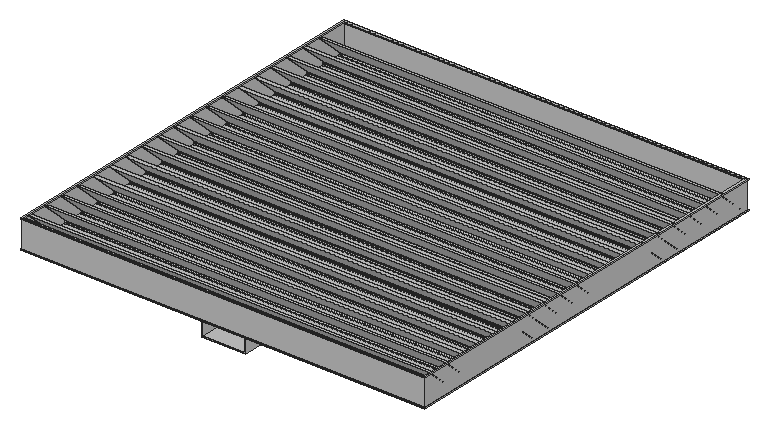
Revit family "Louver-Flanged_Frame-Carnes-Rectangular-Motorized_Damper_FTJB", category Air Terminals, host Face, Revit 2012
Parameters (values of type "(See Type Catalog)")
  ecoScorecard_data = ""
  ecoScorecard Product Page = "http://ecoscorecard.com/"
  URL = "http://www.carnes.com/index.html"
  Subcategory = "Louvers and Dampers"
  Specifications  URL = "http://www.carnes.com/Louvers/pdf/17122.pdf"
  Product Page URL = "http://www.carnes.com/Louvers/FPJB-FTJB.htm"
  Product Line = "Combination Louver / Damper"
  Pressure Drop = 0.00 Pa
  Point of Water Penetration = 1250 FPM
  Outside Width = Louver Width Control + 1/4" * 2  # 60 1/2"
  Outside Height = Louver Height Control + 1/4" * 2  # 60 1/2"
  Model = "FTJB"
  Minimum Size = "12\"W x 12\"H"
  Meets Building Code Standards = "Licensed to bear the AMCA seal"
  Maximum Vertical Size = "60\"W x 120\"H"
  Maximum Size Note = "Factory assembled multi-section max: 96”w x 120”h. Larger sizes are field assembled. Drainable blade louvers should be limited to 10’ maximum section widths (no more than 10’ between vertical downspouts) to enable the drainable design to function effectively."
  Maximum Horinzontal Size = "60\"W x 120\"H"
  Manufacturer = "Carnes Company"
  Louver Width Control = if(Louver Width < 12", 12", if(Louver Width > 60", 60", Louver Width))  # 60"
  Louver Height Control = if(Louver Height < 12", 12", if(Louver Height > 120", 120", Louver Height))  # 60"
  Free Area Note = "See Spec Sheet URL"
  Free Area = 0.00 SF
  Description = "Combination Louver / Damper"
  Connector Description 1 = "Duct Connetor"
  Blades Quantity [instance] = (Louver Height Control - (Blade Offset from Frame - 3/4")) / 3"  # 19
  Manufacturer Phone = "608-845-6411"
  Manufacturer Fax = "608-845-6470"
  Manufacturer Email = "mailto:carnes@carnes.com"
  Manufacturer Address = "448 S. Main St., P. O. Box 930040, Verona, WI 53593-0040"
  Louver Width = 60"
  Louver Length = 6 1/2"
  Louver Height = 60"
  Blades Length [instance] = Louver Length - 2 1/4" - (1/8" * 2)  # 4"
  Frame Material = Aluminum - Carnes - Extruded
  Default Elevation = 48"
  Cost Info = "mailto:carnes@carnes.com"
  Catalog URL = "http://www.carnes.com/Louvers/pdf/f36-37.pdf"
  Symbol Blades Quantity = Louver Width / 3"  # 20
  Blade Offset from Frame [instance] = 3"
  Blade Material = Aluminum - Carnes - Extruded
  Assembly Code = "D3090700"
  Airflow = 0 CFM
  95 CSI = "10200"
  04 CSI = "08 91 00"
Reference planes (in)
  plane 1 "Center (Elevation)": y = 0
  plane 2: z = 0
  plane 3 "Center (Left/Right)": x = 0
  plane 4 "Void Reference": z = -4.25
  plane 5: z = -0.125
  plane 6: z = -4.125
  plane 7: z = -2.125
  plane 8: x = -30
  plane 9: x = 30
  plane 10: x = -30.25
  plane 11: x = 30.25
  plane 12: y = 30
  plane 13: y = -30
  plane 14 "Top": y = 30.25
  plane 15: y = -30.25
  plane 16 "Blade CL": y = 27.25
  plane 17: z = -6.5
Forms (in)
  Extrusion 1, solid, material "Aluminum - Carnes - Extruded" <- "Frame Material"
    sketch origin (0, 0, 0) x (1, 0, 0) y (0, 1, 0)
      loop
        line (-30.25, 30.25) -> (-30.25, -30.25) -> (30.25, -30.25) -> (30.25, 30.25) -> (-30.25, 30.25)
      loop
        line (-30, 30) -> (-30, -30) -> (30, -30) -> (30, 30) -> (-30, 30)
    from -0.125 to 0
  Extrusion 2, solid, material "Aluminum - Carnes - Extruded" <- "Frame Material"
    sketch origin (0, 0, 0) x (1, 0, 0) y (0, 1, 0)
      loop
        line (-30.25, 30.25) -> (-30.25, -30.25) -> (30.25, -30.25) -> (30.25, 30.25) -> (-30.25, 30.25)
      loop
        line (-30, 30) -> (-30, -30) -> (30, -30) -> (30, 30) -> (-30, 30)
    from -4.25 to -4.125
  Extrusion 3, solid, material "Aluminum - Carnes - Extruded" <- "Frame Material"
    sketch origin (0, 0, 0) x (1, 0, 0) y (0, 1, 0)
      loop
        line (-30, 30) -> (-30, -30) -> (30, -30) -> (30, 30) -> (-30, 30)
      loop
        line (-30.125, 30.125) -> (-30.125, -30.125) -> (30.125, -30.125) -> (30.125, 30.125) -> (-30.125, 30.125)
    from -4.125 to -0.125
  Sweep 4, solid, material "Aluminum - Carnes - Extruded" <- "Frame Material"
    path origin (0, 0, 0) x (0, 1, 0) y (0, 0, 1)
      loop
        line (30, -4.125) -> (-30, -4.125)
    profile origin (0, 0, -4.125) x (0, 0, -1) y (1, 0, 0)
      loop
        line (0.125, 3.26175) -> (0.125, 3.14457) -> (2.25781, 3.14457) -> (2.25781, -3.14457) -> (0.125, -3.14457) -> (0.125, -3.26175) -> (2.375, -3.26175) -> (2.375, 3.26175) -> (0.125, 3.26175)
Cuts and joins
  joined: Extrusion 2, Sweep 4
Lines and regions (in)
  Masking region 1, detail levels coarse
    outline origin (0, 0, 0) x (1, 0, 0) y (0, 0, 1)
      loop
        line (30.25, 0) -> (-30.25, 0) -> (-30.25, -4.25) -> (30.25, -4.25) -> (30.25, 0)
  Masking region 2, detail levels medium+fine
    outline origin (0, 0, 0) x (1, 0, 0) y (0, 0, 1)
      loop
        line (30.25, 0) -> (-30.25, 0) -> (-30.25, -0.125) -> (-30.125, -0.125) -> (-30.125, -4.125) -> (-30.25, -4.125) -> (-30.25, -4.25) -> (30.25, -4.25) -> (30.25, -4.125) -> (30.125, -4.125) -> (30.125, -0.125) -> (30.25, -0.125) -> (30.25, 0)
  symbolic lines, detail levels fine
    curve 1: line (30.125, 0, -0.125) -> (-30.125, 0, -0.125)
    curve 2: line (30.125, 0, -4.125) -> (-30.125, 0, -4.125)
  symbolic lines
    curve 3: line (30, 30.25, -0.1875) -> (29.48208, 30.25, -0.1875)
    curve 4: line (29.48208, 30.25, -0.1875) -> (28.92651, 30.25, -2.125)
    curve 5: line (28.92651, 30.25, -2.125) -> (28.37094, 30.25, -4.0625)
    curve 6: line (27, 30.25, -0.1875) -> (26.48208, 30.25, -0.1875)
    curve 7: line (26.48208, 30.25, -0.1875) -> (25.92651, 30.25, -2.125)
    curve 8: line (25.92651, 30.25, -2.125) -> (25.37094, 30.25, -4.0625)
    curve 9: line (24, 30.25, -0.1875) -> (23.48208, 30.25, -0.1875)
    curve 10: line (23.48208, 30.25, -0.1875) -> (22.92651, 30.25, -2.125)
    curve 11: line (22.92651, 30.25, -2.125) -> (22.37094, 30.25, -4.0625)
    curve 12: line (21, 30.25, -0.1875) -> (20.48208, 30.25, -0.1875)
    curve 13: line (20.48208, 30.25, -0.1875) -> (19.92651, 30.25, -2.125)
    curve 14: line (19.92651, 30.25, -2.125) -> (19.37094, 30.25, -4.0625)
    curve 15: line (18, 30.25, -0.1875) -> (17.48208, 30.25, -0.1875)
    curve 16: line (17.48208, 30.25, -0.1875) -> (16.92651, 30.25, -2.125)
    curve 17: line (16.92651, 30.25, -2.125) -> (16.37094, 30.25, -4.0625)
    curve 18: line (15, 30.25, -0.1875) -> (14.48208, 30.25, -0.1875)
    curve 19: line (14.48208, 30.25, -0.1875) -> (13.92651, 30.25, -2.125)
    curve 20: line (13.92651, 30.25, -2.125) -> (13.37094, 30.25, -4.0625)
    curve 21: line (12, 30.25, -0.1875) -> (11.48208, 30.25, -0.1875)
    curve 22: line (11.48208, 30.25, -0.1875) -> (10.92651, 30.25, -2.125)
    curve 23: line (10.92651, 30.25, -2.125) -> (10.37094, 30.25, -4.0625)
    curve 24: line (9, 30.25, -0.1875) -> (8.48208, 30.25, -0.1875)
    curve 25: line (8.48208, 30.25, -0.1875) -> (7.92651, 30.25, -2.125)
    curve 26: line (7.92651, 30.25, -2.125) -> (7.37094, 30.25, -4.0625)
    curve 27: line (6, 30.25, -0.1875) -> (5.48208, 30.25, -0.1875)
    curve 28: line (5.48208, 30.25, -0.1875) -> (4.92651, 30.25, -2.125)
    curve 29: line (4.92651, 30.25, -2.125) -> (4.37094, 30.25, -4.0625)
    curve 30: line (3, 30.25, -0.1875) -> (2.48208, 30.25, -0.1875)
    curve 31: line (2.48208, 30.25, -0.1875) -> (1.92651, 30.25, -2.125)
    curve 32: line (1.92651, 30.25, -2.125) -> (1.37094, 30.25, -4.0625)
    curve 33: line (0, 30.25, -0.1875) -> (-0.51792, 30.25, -0.1875)
    curve 34: line (-0.51792, 30.25, -0.1875) -> (-1.07349, 30.25, -2.125)
    curve 35: line (-1.07349, 30.25, -2.125) -> (-1.62906, 30.25, -4.0625)
    curve 36: line (-3, 30.25, -0.1875) -> (-3.51792, 30.25, -0.1875)
    curve 37: line (-3.51792, 30.25, -0.1875) -> (-4.07349, 30.25, -2.125)
    curve 38: line (-4.07349, 30.25, -2.125) -> (-4.62906, 30.25, -4.0625)
    curve 39: line (-6, 30.25, -0.1875) -> (-6.51792, 30.25, -0.1875)
    curve 40: line (-6.51792, 30.25, -0.1875) -> (-7.07349, 30.25, -2.125)
    curve 41: line (-7.07349, 30.25, -2.125) -> (-7.62906, 30.25, -4.0625)
    curve 42: line (-9, 30.25, -0.1875) -> (-9.51792, 30.25, -0.1875)
    curve 43: line (-9.51792, 30.25, -0.1875) -> (-10.07349, 30.25, -2.125)
    curve 44: line (-10.07349, 30.25, -2.125) -> (-10.62906, 30.25, -4.0625)
    curve 45: line (-12, 30.25, -0.1875) -> (-12.51792, 30.25, -0.1875)
    curve 46: line (-12.51792, 30.25, -0.1875) -> (-13.07349, 30.25, -2.125)
    curve 47: line (-13.07349, 30.25, -2.125) -> (-13.62906, 30.25, -4.0625)
    curve 48: line (-15, 30.25, -0.1875) -> (-15.51792, 30.25, -0.1875)
    curve 49: line (-15.51792, 30.25, -0.1875) -> (-16.07349, 30.25, -2.125)
    curve 50: line (-16.07349, 30.25, -2.125) -> (-16.62906, 30.25, -4.0625)
    curve 51: line (-18, 30.25, -0.1875) -> (-18.51792, 30.25, -0.1875)
    curve 52: line (-18.51792, 30.25, -0.1875) -> (-19.07349, 30.25, -2.125)
    curve 53: line (-19.07349, 30.25, -2.125) -> (-19.62906, 30.25, -4.0625)
    curve 54: line (-21, 30.25, -0.1875) -> (-21.51792, 30.25, -0.1875)
    curve 55: line (-21.51792, 30.25, -0.1875) -> (-22.07349, 30.25, -2.125)
    curve 56: line (-22.07349, 30.25, -2.125) -> (-22.62906, 30.25, -4.0625)
    curve 57: line (-24, 30.25, -0.1875) -> (-24.51792, 30.25, -0.1875)
    curve 58: line (-24.51792, 30.25, -0.1875) -> (-25.07349, 30.25, -2.125)
    curve 59: line (-25.07349, 30.25, -2.125) -> (-25.62906, 30.25, -4.0625)
    curve 60: line (-27, 30.25, -0.1875) -> (-27.51792, 30.25, -0.1875)
    curve 61: line (-27.51792, 30.25, -0.1875) -> (-28.07349, 30.25, -2.125)
    curve 62: line (-28.07349, 30.25, -2.125) -> (-28.62906, 30.25, -4.0625)
    curve 63: line (28.37094, 0, -4.0625) -> (27.87094, 0, -4.0625)
    curve 64: line (25.37094, 0, -4.0625) -> (24.87094, 0, -4.0625)
    curve 65: line (22.37094, 0, -4.0625) -> (21.87094, 0, -4.0625)
    curve 66: line (19.37094, 0, -4.0625) -> (18.87094, 0, -4.0625)
    curve 67: line (16.37094, 0, -4.0625) -> (15.87094, 0, -4.0625)
    curve 68: line (13.37094, 0, -4.0625) -> (12.87094, 0, -4.0625)
    curve 69: line (10.37094, 0, -4.0625) -> (9.87094, 0, -4.0625)
    curve 70: line (7.37094, 0, -4.0625) -> (6.87094, 0, -4.0625)
    curve 71: line (4.37094, 0, -4.0625) -> (3.87094, 0, -4.0625)
    curve 72: line (1.37094, 0, -4.0625) -> (0.87094, 0, -4.0625)
    curve 73: line (-1.62906, 0, -4.0625) -> (-2.12906, 0, -4.0625)
    curve 74: line (-4.62906, 0, -4.0625) -> (-5.12906, 0, -4.0625)
    curve 75: line (-7.62906, 0, -4.0625) -> (-8.12906, 0, -4.0625)
    curve 76: line (-10.62906, 0, -4.0625) -> (-11.12906, 0, -4.0625)
    curve 77: line (-13.62906, 0, -4.0625) -> (-14.12906, 0, -4.0625)
    curve 78: line (-16.62906, 0, -4.0625) -> (-17.12906, 0, -4.0625)
    curve 79: line (-19.62906, 0, -4.0625) -> (-20.12906, 0, -4.0625)
    curve 80: line (-22.62906, 0, -4.0625) -> (-23.12906, 0, -4.0625)
    curve 81: line (-25.62906, 0, -4.0625) -> (-26.12906, 0, -4.0625)
    curve 82: line (-28.62906, 0, -4.0625) -> (-29.12906, 0, -4.0625)
    curve 83: line (30, 0, -2.125) -> (-30, 0, -2.125)
Dimensions and locks (in)
  equal spacing: plane 15, plane 1 "Center (Elevation)", plane 14 "Top"
  locked: plane 2 to plane 5 at 0.125
  locked: plane 6 to plane 4 "Void Reference" at 0.125
  "Louver Length": plane 2 to plane 17
  equal spacing: plane 5, plane 7, plane 6
  "Blade Offset from Frame": plane 14 "Top" to plane 16 "Blade CL"
  equal spacing: group 1, group 2, group 3, group 4, group 5, group 6, group 7, group 8, group 9, group 10, group 11, group 12, group 13, group 14, group 15, group 16, group 17, group 18, group 19  (x2)
  equal spacing: group 19, group 18, group 17, group 16, group 15, group 14, group 13, group 12, group 11, group 10, group 9, group 8, group 7, group 6, group 5, group 4, group 3, group 2, group 1
  locked: nested 1 to nested 2 at 3.015
  "Outside Height": plane 14 "Top" to plane 15
  equal spacing: plane 8, plane 3 "Center (Left/Right)", plane 9
  "Louver Width": plane 8 to plane 9
  equal spacing: plane 10, plane 3 "Center (Left/Right)", plane 11
  "Outside Width": plane 10 to plane 11
  equal spacing: plane 13, plane 1 "Center (Elevation)", plane 12
  "Louver Height": plane 13 to plane 12
  equal spacing: Sweep 4 sketch curve, plane 3 "Center (Left/Right)", Sweep 4 sketch curve
  locked: Sweep 4 sketch curve to Sweep 4 sketch curve at 0.11719  (x2)
  locked: plane 17 to Sweep 4 sketch curve at 0.11719
  locked: curve 3 to plane 5 at 0.0625
  equal spacing: group 40, group 39, group 38, group 37, group 36, group 35, group 34, group 33, group 32, group 31, group 30, group 29, group 28, group 27, group 26, group 25, group 24, group 23, group 22, group 21
  equal spacing: group 21, group 22, group 23, group 24, group 25, group 26, group 27, group 28, group 29, group 30, group 31, group 32, group 33, group 34, group 35, group 36, group 37, group 38, group 39, group 40  (x2)
  locked: curve 5 to curve 8 at 3
  locked: plane 6 to curve 63 at 0.0625
  locked: curve 63 to plane 9 at 2.12906
  aligned and locked: plane 2 to host face
  aligned and locked: host face to level
  aligned and locked: plane 10 to Extrusion 1 sketch curve
  aligned and locked: Extrusion 1 sketch curve to plane 14 "Top"
  aligned and locked: plane 15 to Extrusion 1 sketch curve
  aligned and locked: plane 11 to Extrusion 1 sketch curve
  aligned and locked: plane 8 to Extrusion 1 sketch curve
  aligned and locked: Extrusion 1 sketch curve to plane 12
  aligned and locked: plane 13 to Extrusion 1 sketch curve
  aligned and locked: plane 9 to Extrusion 1 sketch curve
  aligned and locked: Extrusion 1 to plane 5
  aligned and locked: plane 2 to Extrusion 1
  aligned and locked: Extrusion 2 sketch curve to Extrusion 1  (x6)
  aligned and locked: Extrusion 1 to Extrusion 2 sketch curve  (x2)
  aligned and locked: plane 6 to Extrusion 2
  aligned and locked: Extrusion 2 to plane 4 "Void Reference"
  aligned and locked: plane 8 to Extrusion 3 sketch curve
  aligned and locked: Extrusion 3 sketch curve to Extrusion 1  (x3)
  aligned and locked: plane 5 to Extrusion 3
  aligned and locked: Extrusion 3 to plane 6
  aligned and locked: plane 7 to nested 1
  aligned and locked: nested 1 to plane 16 "Blade CL"
  aligned and locked: plane 11 to Masking region 1 sketch curve
  aligned and locked: Masking region 1 sketch curve to plane 2
  aligned and locked: plane 4 "Void Reference" to Masking region 1 sketch curve
  aligned and locked: plane 10 to Masking region 1 sketch curve
  aligned and locked: Masking region 2 sketch curve to level
  aligned and locked: Masking region 2 sketch curve to plane 11  (x2)
  aligned and locked: plane 5 to Masking region 2 sketch curve  (x2)
  aligned and locked: Masking region 2 sketch curve to Extrusion 3  (x2)
  aligned and locked: plane 6 to Masking region 2 sketch curve  (x2)
  aligned and locked: plane 4 "Void Reference" to Masking region 2 sketch curve
  aligned and locked: Masking region 2 sketch curve to plane 10  (x2)
  aligned and locked: Extrusion 3 to curve 1  (x2)
  aligned and locked: curve 1 to plane 5
  aligned and locked: Extrusion 3 to curve 2  (x2)
  aligned and locked: curve 2 to plane 6
  aligned and locked: Sweep 4 sketch curve to plane 6
  aligned and locked: Sweep 4 sketch curve to plane 4 "Void Reference"  (x2)
  aligned and locked: plane 12 to Sweep 4 sketch curve
  aligned and locked: plane 13 to Sweep 4 sketch curve
  aligned and locked: plane 9 to curve 3
  aligned and locked: plane 9 to curve 83
  aligned and locked: plane 8 to curve 83
  aligned and locked: curve 83 to plane 7
Automatic sketch dimensions
  Extrusion 3 sketch curve to plane 8 = 1/8"
  Extrusion 3 sketch curve to plane 9 = 1/8"
  plane 13 to Extrusion 3 sketch curve = 1/8"
  plane 12 to Extrusion 3 sketch curve = 1/8"
  host sketch curve to host sketch curve = 99.68666"
  host sketch curve to host sketch curve = 132.46062"
  Sweep 4 sketch curve to Sweep 4 sketch curve = 15/128"
  Sweep 4 sketch curve to plane 3 "Center (Left/Right)" = 3.14457"
  curve 3 to curve 4 = 0.51792"
  curve 3 to curve 5 = 0.55557"
  curve 5 to curve 5 = 1 15/16"
  curve 5 to curve 4 = 1 15/16"
  curve 6 to curve 7 = 0.51792"
  curve 6 to curve 8 = 0.55557"
  curve 8 to curve 8 = 1 15/16"
  curve 8 to curve 7 = 1 15/16"
  curve 9 to curve 10 = 0.51792"
  curve 9 to curve 11 = 0.55557"
  curve 11 to curve 11 = 1 15/16"
  curve 11 to curve 10 = 1 15/16"
  curve 12 to curve 13 = 0.51792"
  curve 12 to curve 14 = 0.55557"
  curve 14 to curve 14 = 1 15/16"
  curve 14 to curve 13 = 1 15/16"
  curve 15 to curve 16 = 0.51792"
  curve 15 to curve 17 = 0.55557"
  curve 17 to curve 17 = 1 15/16"
  curve 17 to curve 16 = 1 15/16"
  curve 18 to curve 19 = 0.51792"
  curve 18 to curve 20 = 0.55557"
  curve 20 to curve 20 = 1 15/16"
  curve 20 to curve 19 = 1 15/16"
  curve 21 to curve 22 = 0.51792"
  curve 21 to curve 23 = 0.55557"
  curve 23 to curve 23 = 1 15/16"
  curve 23 to curve 22 = 1 15/16"
  curve 24 to curve 25 = 0.51792"
  curve 24 to curve 26 = 0.55557"
  curve 26 to curve 26 = 1 15/16"
  curve 26 to curve 25 = 1 15/16"
  curve 27 to curve 28 = 0.51792"
  curve 27 to curve 29 = 0.55557"
  curve 29 to curve 29 = 1 15/16"
  curve 29 to curve 28 = 1 15/16"
  curve 30 to curve 31 = 0.51792"
  curve 30 to curve 32 = 0.55557"
  curve 32 to curve 32 = 1 15/16"
  curve 32 to curve 31 = 1 15/16"
  curve 33 to curve 34 = 0.51792"
  curve 33 to curve 35 = 0.55557"
  curve 35 to curve 35 = 1 15/16"
  curve 35 to curve 34 = 1 15/16"
  curve 36 to curve 37 = 0.51792"
  curve 36 to curve 38 = 0.55557"
  curve 38 to curve 38 = 1 15/16"
  curve 38 to curve 37 = 1 15/16"
  curve 39 to curve 40 = 0.51792"
  curve 39 to curve 41 = 0.55557"
  curve 41 to curve 41 = 1 15/16"
  curve 41 to curve 40 = 1 15/16"
  curve 42 to curve 43 = 0.51792"
  curve 42 to curve 44 = 0.55557"
  curve 44 to curve 44 = 1 15/16"
  curve 44 to curve 43 = 1 15/16"
  curve 45 to curve 46 = 0.51792"
  curve 45 to curve 47 = 0.55557"
  curve 47 to curve 47 = 1 15/16"
  curve 47 to curve 46 = 1 15/16"
  curve 48 to curve 49 = 0.51792"
  curve 48 to curve 50 = 0.55557"
  curve 50 to curve 50 = 1 15/16"
  curve 50 to curve 49 = 1 15/16"
  curve 51 to curve 52 = 0.51792"
  curve 51 to curve 53 = 0.55557"
  curve 53 to curve 53 = 1 15/16"
  curve 53 to curve 52 = 1 15/16"
  curve 54 to curve 55 = 0.51792"
  curve 54 to curve 56 = 0.55557"
  curve 56 to curve 56 = 1 15/16"
  curve 56 to curve 55 = 1 15/16"
  curve 57 to curve 58 = 0.51792"
  curve 57 to curve 59 = 0.55557"
  curve 59 to curve 59 = 1 15/16"
  curve 59 to curve 58 = 1 15/16"
  curve 60 to curve 61 = 0.51792"
  curve 60 to curve 62 = 0.55557"
  curve 62 to curve 62 = 1 15/16"
  curve 62 to curve 61 = 1 15/16"
  curve 4 to curve 5 = 0.55557"
  curve 63 to curve 63 = 1/2"
  curve 7 to curve 8 = 0.55557"
  curve 64 to curve 64 = 1/2"
  curve 10 to curve 11 = 0.55557"
  curve 65 to curve 65 = 1/2"
  curve 13 to curve 14 = 0.55557"
  curve 66 to curve 66 = 1/2"
  curve 16 to curve 17 = 0.55557"
  curve 67 to curve 67 = 1/2"
  curve 19 to curve 20 = 0.55557"
  curve 68 to curve 68 = 1/2"
  curve 22 to curve 23 = 0.55557"
  curve 69 to curve 69 = 1/2"
  curve 25 to curve 26 = 0.55557"
  curve 70 to curve 70 = 1/2"
  curve 28 to curve 29 = 0.55557"
  curve 71 to curve 71 = 1/2"
  curve 31 to curve 32 = 0.55557"
  curve 72 to curve 72 = 1/2"
  curve 34 to curve 35 = 0.55557"
  curve 73 to curve 73 = 1/2"
  curve 37 to curve 38 = 0.55557"
  curve 74 to curve 74 = 1/2"
  curve 40 to curve 41 = 0.55557"
  curve 75 to curve 75 = 1/2"
  curve 43 to curve 44 = 0.55557"
  curve 76 to curve 76 = 1/2"
  curve 46 to curve 47 = 0.55557"
  curve 77 to curve 77 = 1/2"
  curve 49 to curve 50 = 0.55557"
  curve 78 to curve 78 = 1/2"
  curve 52 to curve 53 = 0.55557"
  curve 79 to curve 79 = 1/2"
  curve 55 to curve 56 = 0.55557"
  curve 80 to curve 80 = 1/2"
  curve 58 to curve 59 = 0.55557"
  curve 81 to curve 81 = 1/2"
  curve 61 to curve 62 = 0.55557"
  curve 82 to curve 82 = 1/2"
Nested families (in)
  nested 1: "Louver-Combination_Blade-Carnes" at (0, 27.25, -2.125), type "Standard"
  nested 2: "Louver-Combination_Blade-Carnes" at (0, 24.235, -2.125), type "Standard"
  nested 3: "Louver-Combination_Blade-Carnes" at (0, 21.22, -2.125), type "Standard"
  nested 4: "Louver-Combination_Blade-Carnes" at (0, 18.205, -2.125), type "Standard"
  nested 5: "Louver-Combination_Blade-Carnes" at (0, 15.19, -2.125), type "Standard"
  nested 6: "Louver-Combination_Blade-Carnes" at (0, 12.175, -2.125), type "Standard"
  nested 7: "Louver-Combination_Blade-Carnes" at (0, 9.16, -2.125), type "Standard"
  nested 8: "Louver-Combination_Blade-Carnes" at (0, 6.145, -2.125), type "Standard"
  nested 9: "Louver-Combination_Blade-Carnes" at (0, 3.13, -2.125), type "Standard"
  nested 10: "Louver-Combination_Blade-Carnes" at (0, 0.115, -2.125), type "Standard"
  nested 11: "Louver-Combination_Blade-Carnes" at (0, -2.9, -2.125), type "Standard"
  nested 12: "Louver-Combination_Blade-Carnes" at (0, -5.915, -2.125), type "Standard"
  nested 13: "Louver-Combination_Blade-Carnes" at (0, -8.93, -2.125), type "Standard"
  nested 14: "Louver-Combination_Blade-Carnes" at (0, -11.945, -2.125), type "Standard"
  nested 15: "Louver-Combination_Blade-Carnes" at (0, -14.96, -2.125), type "Standard"
  nested 16: "Louver-Combination_Blade-Carnes" at (0, -17.975, -2.125), type "Standard"
  nested 17: "Louver-Combination_Blade-Carnes" at (0, -20.99, -2.125), type "Standard"
  nested 18: "Louver-Combination_Blade-Carnes" at (0, -24.005, -2.125), type "Standard"
  nested 19: "Louver-Combination_Blade-Carnes" at (0, -27.02, -2.125), type "Standard"
Connectors (in)
  hvac at (0, 0, -4.25), driven by "Louver Height Control", driven by "Louver Width Control", driven by "Connector Description 1", driven by "Airflow", driven by "Pressure Drop"
    settings: on Extrusion 2, index 1, duct flow 0 CFM, flow factor 0, pres drop 0.00 Pa, loss coef 0, conn angle 0.00°, conn width 60", conn height 60", conn radius 12", duct sys type 29, conn prof type 1, flow config 0, flow direction 0, loss method 4, conn ref index -1, conn util no, is conn primary yes, conn desc "Duct Connetor"
Definition of nested family "Louver-Combination_Blade-Carnes"
  Parameters (values of type "Standard")
    Width = 60"
    Blade Material = Aluminum - Carnes - Extruded
    Length = 4"
    Assembly Code = ""
  Reference planes (in)
    plane 1 "Center (Front/Back)": y = 0
    plane 2: z = 0
    plane 3 "Center (Left/Right)": x = 0
    plane 4: y = 2
    plane 5: y = -2
    plane 6: z = 2
    plane 7: z = -2
    plane 8: x = -30
    plane 9: x = 30
  Forms (in)
    Sweep 1, solid, material "Aluminum - Carnes - Extruded" <- "Blade Material"
      path origin (0, 0, 0) x (1, 0, 0) y (0, 1, 0)
        loop
          line (-30, 0) -> (30, 0)
      profile origin (0, 0, 0) x (0, 1, 0) y (0, 0, 1)
        loop
          line (2, -2) -> (2, -1.62972) -> (-1.84086, 1.9375) -> (-1.5, 1.9375) -> (-1.5, 2) -> (-2, 2) -> (1.9375, -1.65697) -> (1.9375, -2) -> (2, -2)
    Sweep 2, solid, material "Aluminum - Carnes - Extruded" <- "Blade Material"
      path origin (0, 0, 0) x (1, 0, 0) y (0, 1, 0)
        loop
          line (-30, 2) -> (30, 2)
      profile origin (0, 2, 0) x (0, 1, 0) y (0, 0, 1)
        loop
          arc (-0.23437, -1.65697) -> (-0.34431, -1.69672) -> (-0.40339, -1.79759) r 0.17187
          line (-0.40339, -1.79759) -> (-3, -1.79759) -> (-3, -1.86009) -> (-0.40339, -1.86009)
          arc (-0.40339, -1.86009) -> (-0.21868, -2) -> (-0.0625, -1.82884) r 0.17187
          line (-0.0625, -1.82884) -> (-0.0625, -1.65697) -> (-0.23437, -1.65697)
        loop
          circle (-0.23437, -1.82884) r 0.113
  Dimensions and locks (in)
    equal spacing: plane 4, plane 1 "Center (Front/Back)", plane 5
    locked: plane 4 to plane 5 at 4
    equal spacing: plane 7, plane 2, plane 6
    "Length": plane 7 to plane 6
    equal spacing: plane 8, plane 3 "Center (Left/Right)", plane 9
    "Width": plane 8 to plane 9
    locked: Sweep 1 sketch curve to Sweep 1 sketch curve at 0.0625  (x2)
    locked: plane 4 to Sweep 2 sketch curve at 3
    locked: Sweep 1 sketch curve to plane 6 at 0.0625
    aligned and locked: plane 1 "Center (Front/Back)" to Sweep 1 sketch curve
    aligned and locked: plane 8 to Sweep 1 sketch curve
    aligned and locked: plane 9 to Sweep 1 sketch curve
    aligned and locked: plane 4 to Sweep 1 sketch curve
    aligned and locked: plane 8 to Sweep 2 sketch curve
    aligned and locked: plane 9 to Sweep 2 sketch curve
    aligned and locked: plane 4 to Sweep 2 sketch curve
    aligned and locked: plane 6 to Sweep 1 sketch curve
  Automatic sketch dimensions
    Sweep 2 sketch curve to Sweep 2 sketch curve = 0"  (x5)
    Sweep 2 sketch curve to level = 1.79759"
    profile plane to Sweep 2 sketch curve = 0.40339"
    Sweep 2 sketch curve to Sweep 2 sketch curve = 0.16901"
    profile plane to Sweep 2 sketch curve = 1/16"
    Sweep 2 sketch curve to Sweep 2 sketch curve = 1/32"
    profile plane to Sweep 1 sketch curve = 1 1/2"
    Sweep 1 sketch curve to Sweep 1 sketch curve = 0.34086"
    Sweep 1 sketch curve to Sweep 1 sketch curve = 0.34303"
    Sweep 1 sketch curve to Sweep 1 sketch curve = 0.02725"
    radius of Sweep 2 sketch curve = 0.113"
